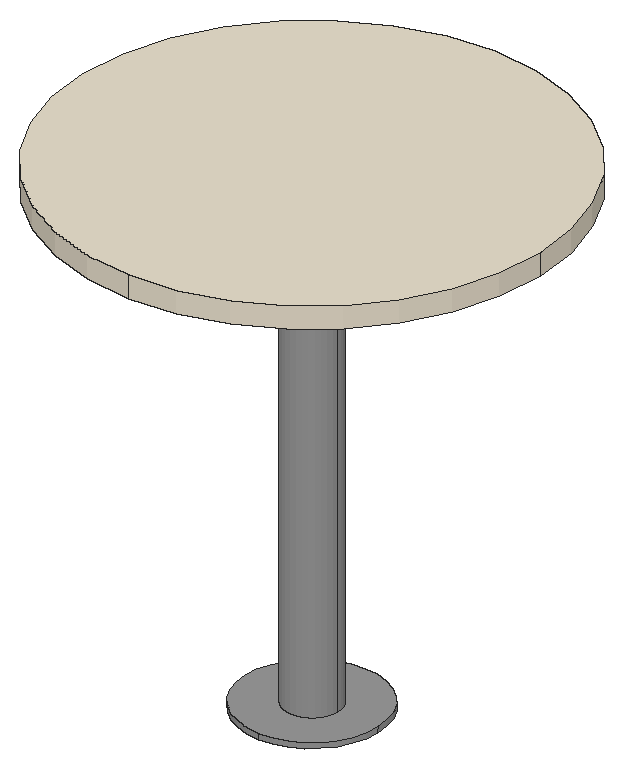
Revit family "FU_Table_Sandler_577F-XT", category Furniture, Revit 2020
Family settings
  OmniClass Number = 23.40.20.00
  OmniClass Title = General Furniture and Specialties
  Work Plane-Based = No
  Always vertical = Yes
  Cut with Voids When Loaded = No
  Shared = No
  Room Calculation Point = No
Parameters (values of type "577F XT - 28" Round Top (70cm)")
  Width = 203 mm
  URL = "https://www.sandlerseating.com/product/art-577f/"
  Top Type = FU_TableTops_MT Rnd : 28" Round (70cm)
  Top Elevation = Height  # 720 mm
  Top Finish [instance] = Wood - Beech - Grey Stained
  Model = "577F XT"
  Manufacturer = "Sandler"
  Height = 720 mm
  Frame Finish [instance] = Metal - Steel - Matt-Satin
  Description = "Floor fixed high table base."
  Depth = Width  # 203 mm
  Default Elevation = 0 mm
Types (5, lengths in mm): name | Top Type | Frame Finish
  (no name) | FU_TableTops_MT Rnd : 28" Round (70cm) | Metal - Steel - Matt-Satin
  577F XT - 24" Round Top (60cm) | FU_TableTops_MT Rnd : 24" Round (60cm) | Metal - Steel - Matt-Satin
  577F XT - 28" Round Top (70cm) | FU_TableTops_MT Rnd : 28" Round (70cm) | Metal - Steel - Matt-Satin
  577F XT - 24" Square Top (60cm) | FU_TableTops_MT Sqr : 24" Square (60cm) | Metal - Steel - Polished
  577F XT - 28" Square Top (70cm) | FU_TableTops_MT Sqr : 28" Square (70cm) | Metal - Steel - Polished
Reference planes
  plane 1 "Center (Front/Back)": y = 0
  plane 2: z = 0
  plane 3 "Center (Left/Right)": x = 0
  plane 4 "Right": x = -101.5
  plane 5 "Left": x = 101.5
  plane 6 "Back": y = 101.5
  plane 7 "Front": y = -101.5
  plane 8 "Height": z = 720
  plane 9 "Top Support": z = 700
  plane 10 "Glide Height": z = 6
  plane 11 "Base height": z = 14
  plane 12 "R Pad C": x = -85.5
  plane 13 "B Pad C": y = 85.5
  plane 14 "L Pad C": x = 85.5
  plane 15 "F Pad C": y = -85.5
Forms (mm)
  Extrusion 1, solid, material "Metal - Steel - Matt-Satin" <- "Frame Finish"
    sketch origin (0, 0, 6) x (-1, 0, 0) y (0, -1, 0)
      loop
        arc (101.5, 0) -> (71.771, 71.771) -> (0, 101.5) r 101.5
        arc (0, 101.5) -> (-71.771, 71.771) -> (-101.5, 0) r 101.5
        arc (-101.5, 0) -> (-71.771, -71.771) -> (0, -101.5) r 101.5
        arc (0, -101.5) -> (71.771, -71.771) -> (101.5, 0) r 101.5
    from 0 to 8
  Revolve 2, solid, material "Rubber, Black"
    sketch origin (0, 0, 0) x (1, 0, 0) y (0, 0, 1)
      loop
        line (-85.5, 0) -> (-85.5, 6) -> (-93.5, 6) -> (-93.5, 2)
        arc (-93.5, 2) -> (-92.914, 0.586) -> (-91.5, 0) r 2
        line (-91.5, 0) -> (-85.5, 0)
      axis (-85.5, 6) -> (-85.5, 0)
    angle from 0 to 360
  Revolve 3, solid, material "Rubber, Black"
    sketch origin (0, 0, 0) x (-1, 0, 0) y (0, 0, 1)
      loop
        line (-85.5, 0) -> (-85.5, 6) -> (-93.5, 6) -> (-93.5, 2)
        arc (-93.5, 2) -> (-92.914, 0.586) -> (-91.5, 0) r 2
        line (-91.5, 0) -> (-85.5, 0)
      axis (-85.5, 6) -> (-85.5, 0)
    angle from 0 to 360
  Revolve 4, solid, material "Rubber, Black"
    sketch origin (0, 0, 0) x (0, 1, 0) y (0, 0, 1)
      loop
        line (-85.5, 6) -> (-93.5, 6) -> (-93.5, 2)
        arc (-93.5, 2) -> (-92.914, 0.586) -> (-91.5, 0) r 2
        line (-91.5, 0) -> (-85.5, 0) -> (-85.5, 6)
      axis (-85.5, 6) -> (-85.5, 0)
    angle from 0 to 360
  Revolve 5, solid, material "Rubber, Black"
    sketch origin (0, 0, 0) x (0, -1, 0) y (0, 0, 1)
      loop
        line (-85.5, 6) -> (-93.5, 6) -> (-93.5, 2)
        arc (-93.5, 2) -> (-92.914, 0.586) -> (-91.5, 0) r 2
        line (-91.5, 0) -> (-85.5, 0) -> (-85.5, 6)
      axis (-85.5, 6) -> (-85.5, 0)
    angle from 0 to 360
  Extrusion 6, solid, material "Metal - Steel - Matt-Satin" <- "Frame Finish"
    sketch origin (0, 0, 6) x (-1, 0, 0) y (0, -1, 0)
      loop
        circle (0, 0) r 40
    from 0 to 694
Dimensions and locks
  equal spacing: plane 4 "Right", plane 3 "Center (Left/Right)", plane 5 "Left"
  "Width": plane 4 "Right" to plane 5 "Left"
  equal spacing: plane 6 "Back", plane 1 "Center (Front/Back)", plane 7 "Front"
  "Depth": plane 6 "Back" to plane 7 "Front"
  "Height": plane 8 "Height" to level
  locked: plane 8 "Height" to plane 9 "Top Support" at 20
  locked: plane 4 "Right" to plane 12 "R Pad C" at 16
  plane 14 "L Pad C" to plane 5 "Left" = 16 mm
  locked: plane 6 "Back" to plane 13 "B Pad C" at 16
  locked: plane 15 "F Pad C" to plane 7 "Front" at 16
  aligned and locked: level to plane 2
  aligned and locked: plane 11 "Base height" to Extrusion 1
  aligned and locked: Extrusion 1 to plane 11 "Base height"  (x3)
  aligned and locked: plane 8 "Height" to nested 1
  aligned and locked: Extrusion 6 to plane 10 "Glide Height"
  aligned and locked: plane 9 "Top Support" to Extrusion 6
Automatic sketch dimensions
  Extrusion 1 sketch curve to Extrusion 1 sketch curve = 0 mm  (x12)
  plane 1 "Center (Front/Back)" to Extrusion 1 sketch curve = 0 mm
  Extrusion 1 sketch curve to plane 5 "Left" = 0 mm
  Extrusion 1 sketch curve to plane 3 "Center (Left/Right)" = 0 mm  (x3)
  Revolve 2 sketch curve to plane 10 "Glide Height" = 0 mm
  Revolve 2 sketch curve to level = 0 mm
  plane 12 "R Pad C" to Revolve 2 sketch curve = 0 mm  (x2)
  Revolve 2 sketch curve to Revolve 2 sketch curve = 6 mm
  Revolve 2 sketch curve to Revolve 2 sketch curve = 2 mm
  Revolve 2 sketch curve to level = 10.049 mm
  Revolve 2 sketch curve to plane 11 "Base height" = 2.095 mm
  Revolve 3 sketch curve to plane 10 "Glide Height" = 0 mm
  Revolve 3 sketch curve to level = 0 mm
  Revolve 3 sketch curve to plane 14 "L Pad C" = 0 mm  (x2)
  Revolve 3 sketch curve to Revolve 3 sketch curve = 6 mm
  Revolve 3 sketch curve to Revolve 3 sketch curve = 2 mm
  level to Revolve 3 sketch curve = 10.049 mm
  plane 11 "Base height" to Revolve 3 sketch curve = 2.095 mm
  Revolve 4 sketch curve to plane 10 "Glide Height" = 0 mm
  Revolve 4 sketch curve to level = 0 mm
  Revolve 4 sketch curve to plane 15 "F Pad C" = 0 mm  (x2)
  level to Revolve 4 sketch curve = 2 mm
  plane 15 "F Pad C" to Revolve 4 sketch curve = 6 mm
  Revolve 4 sketch curve to level = 5.787 mm
  Revolve 4 sketch curve to plane 11 "Base height" = 1.201 mm
  Revolve 5 sketch curve to plane 10 "Glide Height" = 0 mm
  Revolve 5 sketch curve to level = 0 mm
  Revolve 5 sketch curve to plane 13 "B Pad C" = 0 mm  (x2)
  Revolve 5 sketch curve to level = 2 mm
  Revolve 5 sketch curve to plane 13 "B Pad C" = 6 mm
  Revolve 5 sketch curve to Revolve 5 sketch curve = 5.787 mm
  plane 11 "Base height" to Revolve 5 sketch curve = 1.201 mm
  plane 1 "Center (Front/Back)" to Extrusion 6 sketch curve = 0 mm
  Extrusion 6 sketch curve to plane 3 "Center (Left/Right)" = 0 mm
  radius of Extrusion 6 sketch curve = 40 mm
Nested families
  nested 1: "MT Top Support" at (0, 0, 0), Frame Finish <- "Frame Finish", type "MT Top Support"
    with Frame Finish Metal - Steel - Matt-Satin
  nested 2: "FU_TableTops_MT Rnd" at (0, 0, 0), Top Elevation <- "Top Elevation", Top Finish <- "Top Finish", type <- "Top Type", type "28" Round (70cm)"
    with Top Finish Wood - Beech - Grey Stained, Top Elevation 720 mm
Definition of nested family "MT Top Support"
  Parameters (values of type "MT Top Support")
    Frame Finish [instance] = none
    Default Elevation = 0 mm
  Reference planes
    plane 1 "Center (Front/Back)": y = 0
    plane 2: z = 0
    plane 3 "Center (Left/Right)": x = 0
    plane 4 "Right": x = -210
    plane 5 "Left": x = 210
    plane 6 "Back": y = 210
    plane 7 "Front": y = -210
    plane 8 "Height": z = 720
    plane 9: z = 700
  Forms (mm)
    Extrusion 1, solid, material <- "Frame Finish"
      sketch origin (0, 0, 700) x (-1, 0, 0) y (0, -1, 0)
        loop
          line (48, 44.024) -> (119.736, 115.76)
          arc (119.736, 115.76) -> (116.918, 118.6) -> (114.032, 121.37) r 166.741
          line (114.032, 121.37) -> (40.38, 47.718) -> (-40.38, 47.718) -> (-114.032, 121.37)
          arc (-114.032, 121.37) -> (-116.918, 118.6) -> (-119.736, 115.76) r 166.741
          line (-119.736, 115.76) -> (-48, 44.024) -> (-48, -44.024) -> (-120.014, -116.038)
          arc (-120.014, -116.038) -> (-117.202, -118.884) -> (-114.323, -121.661) r 166.741
          line (-114.323, -121.661) -> (-40.944, -48.282) -> (40.944, -48.282) -> (114.323, -121.661)
          arc (114.323, -121.661) -> (117.202, -118.884) -> (120.014, -116.038) r 166.741
          line (120.014, -116.038) -> (48, -44.024) -> (48, 44.024)
      from 0 to 15
    Extrusion 2, solid, material <- "Frame Finish"
      sketch origin (0, 0, 720) x (-1, 0, 0) y (0, -1, 0)
        loop
          arc (48, 9.198) -> (50.194, 20.46) -> (56.455, 30.074) r 30
          line (56.455, 30.074) -> (155.027, 131.809)
          arc (155.027, 131.809) -> (157.282, 137.439) -> (154.939, 143.033) r 8
          line (154.939, 143.033) -> (142.122, 155.85)
          arc (142.122, 155.85) -> (136.465, 158.193) -> (130.808, 155.85) r 8
          line (130.808, 155.85) -> (32.027, 57.069)
          arc (32.027, 57.069) -> (22.294, 50.566) -> (10.814, 48.282) r 30
          line (10.814, 48.282) -> (-10.814, 48.282)
          arc (-10.814, 48.282) -> (-22.294, 50.566) -> (-32.027, 57.069) r 30
          line (-32.027, 57.069) -> (-130.808, 155.85)
          arc (-130.808, 155.85) -> (-136.465, 158.193) -> (-142.122, 155.85) r 8
          line (-142.122, 155.85) -> (-154.939, 143.033)
          arc (-154.939, 143.033) -> (-157.282, 137.439) -> (-155.027, 131.809) r 8
          line (-155.027, 131.809) -> (-56.455, 30.074)
          arc (-56.455, 30.074) -> (-50.194, 20.46) -> (-48, 9.198) r 30
          line (-48, 9.198) -> (-48, -9.198)
          arc (-48, -9.198) -> (-50.194, -20.46) -> (-56.455, -30.074) r 30
          line (-56.455, -30.074) -> (-155.027, -131.809)
          arc (-155.027, -131.809) -> (-157.282, -137.439) -> (-154.939, -143.033) r 8
          line (-154.939, -143.033) -> (-142.122, -155.85)
          arc (-142.122, -155.85) -> (-136.465, -158.193) -> (-130.808, -155.85) r 8
          line (-130.808, -155.85) -> (-32.027, -57.069)
          arc (-32.027, -57.069) -> (-22.294, -50.566) -> (-10.814, -48.282) r 30
          line (-10.814, -48.282) -> (10.814, -48.282)
          arc (10.814, -48.282) -> (22.294, -50.566) -> (32.027, -57.069) r 30
          line (32.027, -57.069) -> (130.808, -155.85)
          arc (130.808, -155.85) -> (136.465, -158.193) -> (142.122, -155.85) r 8
          line (142.122, -155.85) -> (154.939, -143.033)
          arc (154.939, -143.033) -> (157.282, -137.439) -> (155.027, -131.809) r 8
          line (155.027, -131.809) -> (56.455, -30.074)
          arc (56.455, -30.074) -> (50.194, -20.46) -> (48, -9.198) r 30
          line (48, -9.198) -> (48, 9.198)
        loop
          line (-134.399, -141.055) -> (-124.502, -131.158)
          arc (-124.502, -131.158) -> (-124.502, -125.502) -> (-130.158, -125.502) r 3.999
          line (-130.158, -125.502) -> (-140.055, -135.399)
          arc (-140.055, -135.399) -> (-140, -141.001) -> (-134.399, -141.055) r 4
        loop
          arc (134.399, -141.055) -> (140, -141.001) -> (140.055, -135.399) r 4
          line (140.055, -135.399) -> (130.158, -125.502)
          arc (130.158, -125.502) -> (124.502, -125.502) -> (124.502, -131.158) r 3.999
          line (124.502, -131.158) -> (134.399, -141.055)
        loop
          arc (-134.399, 141.055) -> (-140, 141.001) -> (-140.055, 135.399) r 4
          line (-140.055, 135.399) -> (-130.158, 125.502)
          arc (-130.158, 125.502) -> (-124.502, 125.502) -> (-124.502, 131.158) r 3.999
          line (-124.502, 131.158) -> (-134.399, 141.055)
        loop
          line (134.399, 141.055) -> (124.502, 131.158)
          arc (124.502, 131.158) -> (124.502, 125.502) -> (130.158, 125.502) r 3.999
          line (130.158, 125.502) -> (140.055, 135.399)
          arc (140.055, 135.399) -> (140, 141.001) -> (134.399, 141.055) r 4
        loop
          circle (0, 0) r 7.5
      from -10 to 0
  Dimensions and locks
    equal spacing: plane 4 "Right", plane 3 "Center (Left/Right)", plane 5 "Left"
    plane 4 "Right" to plane 5 "Left" = 420 mm
    equal spacing: plane 6 "Back", plane 1 "Center (Front/Back)", plane 7 "Front"
    plane 6 "Back" to plane 7 "Front" = 420 mm
    plane 8 "Height" to level = 720 mm
    locked: plane 8 "Height" to plane 9 at 20
    aligned and locked: level to plane 2
  Automatic sketch dimensions
    plane 1 "Center (Front/Back)" to Extrusion 2 sketch curve = 0 mm
    Extrusion 2 sketch curve to plane 3 "Center (Left/Right)" = 0 mm
    plane 3 "Center (Left/Right)" to Extrusion 2 sketch curve = 10.814 mm  (x2)
    Extrusion 2 sketch curve to Extrusion 2 sketch curve = 21.213 mm  (x4)
    plane 1 "Center (Front/Back)" to Extrusion 2 sketch curve = 9.198 mm  (x2)
    plane 3 "Center (Left/Right)" to Extrusion 2 sketch curve = 48 mm
    Extrusion 2 sketch curve to plane 1 "Center (Front/Back)" = 30.074 mm  (x2)
    Extrusion 2 sketch curve to Extrusion 2 sketch curve = 8.455 mm  (x4)
    plane 1 "Center (Front/Back)" to Extrusion 2 sketch curve = 30.074 mm  (x2)
    Extrusion 2 sketch curve to plane 1 "Center (Front/Back)" = 9.198 mm  (x2)
    plane 5 "Left" to Extrusion 2 sketch curve = 85.498 mm  (x2)
    Extrusion 2 sketch curve to Extrusion 2 sketch curve = 2.828 mm  (x12)
    Extrusion 2 sketch curve to Extrusion 2 sketch curve = 6.306 mm  (x4)
    Extrusion 2 sketch curve to Extrusion 2 sketch curve = 9.897 mm  (x8)
    Extrusion 2 sketch curve to Extrusion 2 sketch curve = 5.657 mm  (x16)
    Extrusion 2 sketch curve to Extrusion 2 sketch curve = 2.773 mm  (x8)
    Extrusion 2 sketch curve to Extrusion 2 sketch curve = 2.883 mm  (x4)
    Extrusion 2 sketch curve to Extrusion 2 sketch curve = 9.227 mm  (x4)
    Extrusion 2 sketch curve to Extrusion 2 sketch curve = 5.745 mm  (x4)
    Extrusion 2 sketch curve to plane 3 "Center (Left/Right)" = 10.814 mm  (x2)
    Extrusion 2 sketch curve to plane 3 "Center (Left/Right)" = 48 mm
    Extrusion 2 sketch curve to plane 1 "Center (Front/Back)" = 48.282 mm
    Extrusion 2 sketch curve to Extrusion 2 sketch curve = 8.787 mm  (x4)
    Extrusion 2 sketch curve to plane 6 "Back" = 84.498 mm  (x2)
    Extrusion 2 sketch curve to Extrusion 2 sketch curve = 6.307 mm  (x4)
    Extrusion 2 sketch curve to Extrusion 2 sketch curve = 5.567 mm  (x4)
    Extrusion 2 sketch curve to Extrusion 2 sketch curve = 9.138 mm  (x4)
    plane 1 "Center (Front/Back)" to Extrusion 2 sketch curve = 48.282 mm
    plane 7 "Front" to Extrusion 2 sketch curve = 84.498 mm  (x2)
    Extrusion 1 sketch curve to Extrusion 1 sketch curve = 0 mm  (x12)
    Extrusion 1 sketch curve to plane 3 "Center (Left/Right)" = 0 mm
    plane 3 "Center (Left/Right)" to Extrusion 1 sketch curve = 40.38 mm
    plane 3 "Center (Left/Right)" to Extrusion 1 sketch curve = 40.944 mm
    Extrusion 1 sketch curve to Extrusion 1 sketch curve = 7.056 mm  (x2)
    plane 5 "Left" to Extrusion 1 sketch curve = 95.968 mm
    plane 5 "Left" to Extrusion 1 sketch curve = 95.677 mm
    Extrusion 1 sketch curve to Extrusion 1 sketch curve = 5.704 mm  (x2)
    Extrusion 1 sketch curve to Extrusion 1 sketch curve = 5.691 mm  (x2)
    Extrusion 1 sketch curve to plane 3 "Center (Left/Right)" = 40.38 mm
    Extrusion 1 sketch curve to plane 3 "Center (Left/Right)" = 40.944 mm
    Extrusion 1 sketch curve to plane 6 "Back" = 88.339 mm  (x2)
    Extrusion 1 sketch curve to Extrusion 1 sketch curve = 5.623 mm
    Extrusion 1 sketch curve to plane 1 "Center (Front/Back)" = 48.282 mm
    Extrusion 1 sketch curve to Extrusion 1 sketch curve = 4.258 mm  (x2)
    plane 1 "Center (Front/Back)" to Extrusion 1 sketch curve = 44.024 mm  (x2)
    Extrusion 1 sketch curve to Extrusion 1 sketch curve = 3.693 mm
    plane 7 "Front" to Extrusion 1 sketch curve = 94.24 mm  (x2)
    Extrusion 1 sketch curve to plane 4 "Right" = 95.968 mm
    Extrusion 1 sketch curve to plane 4 "Right" = 95.677 mm
    Extrusion 2 sketch curve to plane 4 "Right" = 85.498 mm  (x2)
    radius of Extrusion 2 sketch curve = 7.5 mm
Definition of nested family "FU_TableTops_MT Rnd"
  Parameters (values of type "36" Round (90cm)")
    Width = 900 mm
    Top Finish [instance] = none
    Top Elevation [instance] = 1100 mm
    Depth = Width  # 900 mm
    Default Elevation = 0 mm
  Types (4, lengths in mm): name | Width | Depth
    24" Round (60cm) | 600 | 600
    28" Round (70cm) | 700 | 700
    32" Round (80cm) | 800 | 800
    36" Round (90cm) | 900 | 900
  Reference planes
    plane 1 "Center (Front/Back)": y = 0
    plane 2: z = 0
    plane 3 "Center (Left/Right)": x = 0
    plane 4 "Right": x = -450
    plane 5 "Left": x = 450
    plane 6 "Back": y = 450
    plane 7 "Front": y = -450
    plane 8 "Elevation": z = 1100
    plane 9 "Top Height": z = 1131.75
  Forms (mm)
    Extrusion 1, solid, material <- "Top Finish"
      sketch origin (0, 0, 1100) x (-1, 0, 0) y (0, -1, 0)
        loop
          arc (0, -450) -> (318.198, -318.198) -> (450, 0) r 450
          arc (450, 0) -> (318.198, 318.198) -> (0, 450) r 450
          arc (0, 450) -> (-318.198, 318.198) -> (-450, 0) r 450
          arc (-450, 0) -> (-318.198, -318.198) -> (0, -450) r 450
      from 0 to 31.75
  Dimensions and locks
    equal spacing: plane 4 "Right", plane 3 "Center (Left/Right)", plane 5 "Left"
    "Width": plane 4 "Right" to plane 5 "Left"
    equal spacing: plane 6 "Back", plane 1 "Center (Front/Back)", plane 7 "Front"
    "Depth": plane 6 "Back" to plane 7 "Front"
    "Top Elevation": plane 8 "Elevation" to level
    locked: plane 9 "Top Height" to plane 8 "Elevation" at 31.75
    aligned and locked: level to plane 2
    aligned and locked: plane 9 "Top Height" to Extrusion 1
  Automatic sketch dimensions
    Extrusion 1 sketch curve to Extrusion 1 sketch curve = 0 mm  (x7)
    plane 1 "Center (Front/Back)" to Extrusion 1 sketch curve = 0 mm  (x2)
    Extrusion 1 sketch curve to plane 5 "Left" = 0 mm
    Extrusion 1 sketch curve to plane 3 "Center (Left/Right)" = 0 mm  (x3)
    Extrusion 1 sketch curve to plane 6 "Back" = 0 mm
